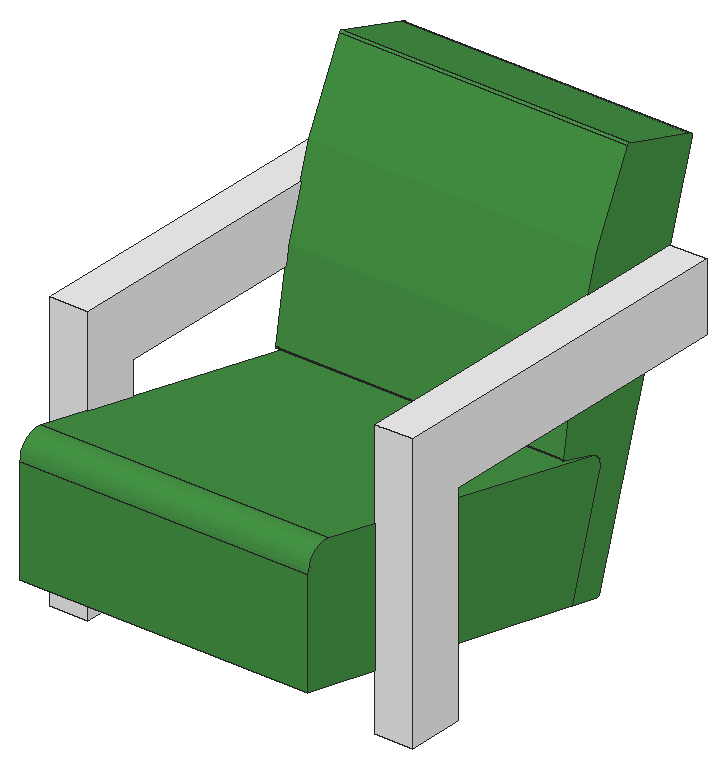
Revit family
Parameters (values of type "Chair (1)")
  Material Frame = Metal - Aluminium
  Material Seat = Fabric - Dark Dreen
  Keynote = "N"
  Assembly Code = ""
Reference planes
  plane 1 "Center (Front/Back)": y = 0
  plane 2: z = 0
  plane 3 "Center (Left/Right)": x = 0
  plane 4: z = 370
  plane 5: z = 490
  plane 6: z = 700
  plane 7: y = -850
  plane 8: x = -320
  plane 9: x = 320
  plane 10: x = -255
  plane 11: x = 255
Forms (mm)
  Extrusion 1, solid, material "Metal - Aluminium" <- "Material Frame"
    sketch origin (-320, 0, 0) x (0, 0, -1) y (0, -1, 0)
      loop
        line (-490, 51.209) -> (-370, 51.209) -> (-370, 602.457) -> (0, 602.457) -> (0, 701.863) -> (-490, 701.863) -> (-490, 51.209)
    from -66 to 0
  Extrusion 2, solid, material "Metal - Aluminium" <- "Material Frame"
    sketch origin (255, 0, 0) x (0, 0, -1) y (0, -1, 0)
      loop
        line (-490, 51.209) -> (-370, 51.209) -> (-370, 602.457) -> (0, 602.457) -> (0, 701.863) -> (-490, 701.863) -> (-490, 51.209)
    from -66 to 0
  Extrusion 3, solid, material "Fabric - Dark Dreen" <- "Material Seat"
    sketch origin (0, 0, 0) x (0, 1, 0) y (0, 0, 1)
      loop
        arc (-1.542, 639.482) -> (-1.845, 643.297) -> (-4.756, 645.78) r 5
        line (-4.756, 645.78) -> (-137.401, 688.776)
        arc (-137.401, 688.776) -> (-140.731, 688.689) -> (-143.267, 686.53) r 5
        arc (-143.267, 686.53) -> (-236.833, 476.434) -> (-283.668, 251.265) r 1077.236
        arc (-283.668, 251.265) -> (-283.161, 249.28) -> (-281.498, 248.084) r 3
        line (-281.498, 248.084) -> (-220.966, 231)
        arc (-220.966, 231) -> (-205.825, 218.087) -> (-204.249, 198.249) r 26
        line (-204.249, 198.249) -> (-264.825, 11.368) -> (-211.448, 0.533)
        arc (-211.448, 0.533) -> (-209.339, 0.882) -> (-207.998, 2.548) r 3
        line (-207.998, 2.548) -> (-1.542, 639.482)
    from -255 to 255
  Extrusion 4, solid, material "Fabric - Dark Dreen" <- "Material Seat"
    sketch origin (0, 0, 0) x (0, 1, 0) y (0, 0, 1)
      loop
        line (-850, 130.152) -> (-265.814, 11.561) -> (-205.201, 198.558)
        arc (-205.201, 198.558) -> (-206.715, 217.632) -> (-221.274, 230.048) r 25
        arc (-221.274, 230.048) -> (-510.4, 305.65) -> (-804.992, 355.898) r 3443.297
        arc (-804.992, 355.898) -> (-836.454, 346.215) -> (-850, 316.212) r 40
        line (-850, 316.212) -> (-850, 130.152)
    from -255 to 255
Lines and regions (mm)
  Masking region 1
    outline origin (0, 0, 0) x (1, 0, 0) y (0, 1, 0)
      loop
        line (-255, 0) -> (-255, -50) -> (-320, -50) -> (-320, -701.863) -> (-255, -701.863) -> (-255, -850) -> (0, -850) -> (255, -850) -> (255, -701.863) -> (320, -701.863) -> (320, -50) -> (255, -50) -> (255, 0) -> (-255, 0)
  symbolic lines
    curve 1: line (-255, -50, 0) -> (-255, -701.863, 0)
    curve 2: line (255, -51.209, 0) -> (255, -701.863, 0)
    curve 3: line (-255, -264.825, 0) -> (255, -264.825, 0)
    curve 4: line (-255, -110, 0) -> (255, -110, 0)
Dimensions and locks
  aligned: Extrusion 1 to curve 1
